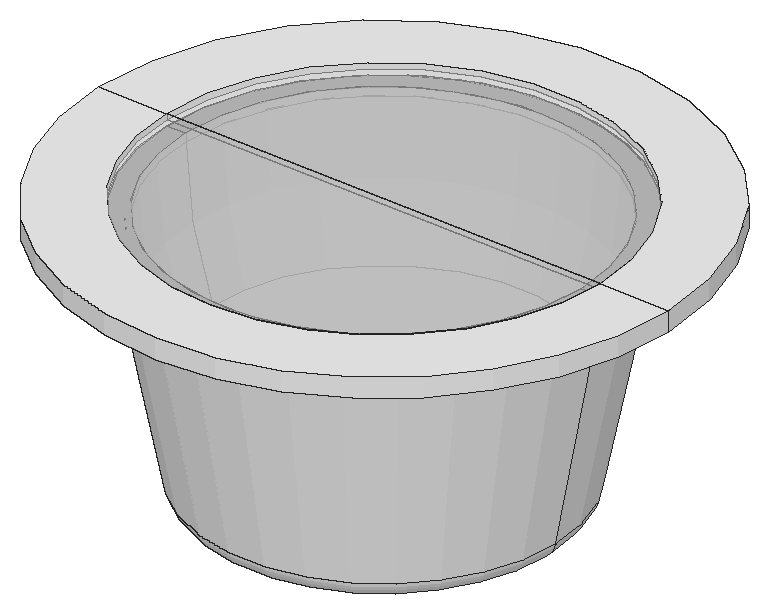
Revit family "2060556+2039013 Sylvania Lighting Fixture ASCENT 100 II ARCH 1900 4K STD EMG 160 with IP54 PC Cover", category Lighting Fixtures, host Face, Revit 2016
Family settings
  Host = Face
  Part Type = Normal
  Round Connector Dimension = Use Diameter
  OmniClass Number = 23.80.70.11.17
  OmniClass Title = Specialized Lighting by Location or Use
  Cut with Voids When Loaded = No
  Light Source = Yes
  Shared = No
  Room Calculation Point = No
Parameters (values of type "2060556+2039013 ASCT100 II ARCH 1900 4K STD EMG 160 with IP54 PC Cover")
  WidthBezelAcc_SYL = 25.0 mm
  Weight = "1.92 kg"
  Wattage = 19 W
  WarrantyStartDate [instance] = "n/a"
  WarrantyGuarantorParts = "n/a"
  WarrantyDurationUnit = "n/a"
  WarrantyDurationParts = "n/a"
  WarrantyDescription = "n/a"
  built-in parameter 1150110 = 1 (stored number, unit not read)
  Voltage = 0 V
  VisibilityAccessory_SYL = yes
  TypeName = "ASCENT 100 II ARCH 1900 4K STD EMG 160 with IP54 PC Cover"
  built-in parameter 1114217 = 1 (stored number, unit not read)
  Tilt Angle = -90°
  built-in parameter 1150109 = 1 (stored number, unit not read)
  built-in parameter 1150134 = 12
  built-in parameter 1150113 = 1 (stored number, unit not read)
  SerialNumber [instance] = "n/a"
  ReflectorRadius_SYL = Radius_SYL - 14.5 mm  # 80.0 mm
  RadiusAcc_SYL = 105.0 mm
  Radius_SYL = 94.5 mm
  URL = "http://www.sylvania-lighting.com"
  PowerFactor = 0
  PowerConsumption = "19 W"
  Photometric Web File = "2060556.ies"
  NominalWidth = 0.0 mm
  NominalLength = 0.0 mm
  NominalHeight = 94.0 mm
  Name = "ASCENT 100 II ARCH 1900 4K STD EMG 160 with IP54 PC Cover"
  ModelReference = "ASCENT 100 II ARCH 1900 4K STD EMG 160 with IP54 PC Cover"
  ModelNumber = "2060556+2039013"
  Material_4_SYL = none
  Material_3_SYL = Polycarbonate_Sylvania_Ascent_Clear
  Material_2_SYL = Aluminium_Sylvania_Ascent_Silver
  Material_1_SYL = Aluminum_Sylvania_Ascent_White
  Material = "aluminium housing, arcylic diffuser"
  ManufacturerName = "Feilo Sylvania"
  LuminousEfficacy = "101 lm/W"
  built-in parameter 1150105 = 152.71 (stored number, unit not read)
  Lumens = 1919 lm
  LuminaireType = ""
  built-in parameter 1150115 = 1 (stored number, unit not read)
  LightOutputRatio = "100"
  built-in parameter 1150137 = (empty or 0)
  built-in parameter 1150139 = (empty or 0)
  LampsType = Lamp  # "LED"
  LampNominalLuminous = "1921 lm"
  LampMacAdamStep = "3"
  LampColourTemperature = "4000 K"
  LampColourRenderingIndex = "80"
  built-in parameter 1150112 = 1 (stored number, unit not read)
  built-in parameter 1150114 = 1 (stored number, unit not read)
  Keynote = "16500"
  InstallationDate [instance] = "n/a"
  InputVoltage = "n/a"
  InputNominalFrequency = "n/a"
  built-in parameter 1150132 = (empty or 0)
  built-in parameter 1150102 = (empty or 0)
  built-in parameter 1150107 = 4000 (stored number, unit not read)
  built-in parameter 1150138 = (empty or 0)
  IngressProtection = "IP54"
  ImpactProtectionIndex = "IK02"
  built-in parameter 1150106 = 1.5271 (stored number, unit not read)
  IfcExportType = "IfcLightFixtureType"
  IfcExportAs = "IfcLightFixtureType"
  Height_SYL = 94.0 mm
  HeightAcc_SYL = 7.0 mm
  ExpectedLife = 50000
  EmittionSurface_SYL = if(VisibilityAccessory_SYL, 7.0 mm, 3.0 mm)  # 7.0 mm
  Emit from Circle Diameter = DiffuserRadius_SYL * 2  # 146.0 mm
  Emit Shape Visible in Rendering = no
  ElectricShockClassification = "Class II"
  built-in parameter 1150104 = 9.3832 (stored number, unit not read)
  DurationUnit = "hours"
  DocumentationLiterature = "http://www.sylvania-lighting.com/product/en-int/products/2060556"
  DimmingControlOptions = "n/a"
  Dimming Lamp Color Temperature Shift = <None>
  DiffuserRadius_SYL = ReflectorRadius_SYL - 7.0 mm  # 73.0 mm
  Diameter_SYL = 2 * Radius_SYL  # 189.0 mm
  CutoutDiameter_SYL = Diameter_SYL - 13.0 mm  # 176.0 mm
  CreatedOn = "9/17/2018"
  CreatedBy = "@sylvania-lighting.com"
  Color Filter = 16777215
  built-in parameter 1114216 [instance] = 1 (stored number, unit not read)
  Model = "ASCENT 100 II ARCH 1900 4K STD EMG 160 with IP54 PC Cover"
  Manufacturer = "Feilo Sylvania"
  Lamp = "LED"
  Description = "Direct LED retro fit for original LED 100 Arch (160) single CFL lamp offering Matching lumen levels and improved light distribution of original LED 100 CFL lamp equivalents Typically half the power consumption compared to CFL Up to 112lm/W 160mm aperture Architectural reflector accepts range of glass accessories from existing LED 100 Arch 160 offering HE, HO and VHO versions equivalent of single 1 x 18W, 1 x 32W, 1 x 42W\r\n Additional VVHO versions which offer the performance circa 2 x 32W equivalent"  # constant formula
  Default Elevation = 0.0 mm
  built-in parameter 1140040 [instance] = 1
  BarCode [instance] = "n/a"
  built-in parameter 1114218 = 1 (stored number, unit not read)
  built-in parameter 1150133 = 10 (stored number, unit not read)
  AssetType = "Fixed"
  AssetIdentifier [instance] = "n/a"
  Assembly Code = "D5020200"
  Apparent Load = 19 VA
  Aperture_SYL = 2 * ReflectorRadius_SYL  # 160.0 mm
Types (2, lengths in mm): name | Wattage | TypeName | Photometric Web File | Name | ModelReference | built-in parameter 1150105 | Lumens | built-in parameter 1150106 | Model | Apparent Load
  2060556+2039013 ASCT100 II ARCH 1900 4K STD EMG 160 with IP54 PC Cover | 19 W | "ASCENT 100 II ARCH 1900 4K STD EMG 160 with IP54 PC Cover" | "2060556.ies" | "ASCENT 100 II ARCH 1900 4K STD EMG 160 with IP54 PC Cover" | "ASCENT 100 II ARCH 1900 4K STD EMG 160 with IP54 PC Cover" | 152.71 (stored number, unit not read) | 1919 lm | 1.5271 (stored number, unit not read) | "ASCENT 100 II ARCH 1900 4K STD EMG 160 with IP54 PC Cover" | 19 VA
  2060556+2039013 ASCT100 II ARCH 1900 4K STD EMG 160 with IP54 PC Cover Emergency mode | 1.88119 W | "ASCT100 II ARCH 1900 4K STD EMG 160 with IP54 PC Cover Emergency mode" | "2060556EM.ies" | "ASCT100 II ARCH 1900 4K STD EMG 160 with IP54 PC Cover Emergency mode" | "ASCT100 II ARCH 1900 4K STD EMG 160 with IP54 PC Cover Emergency mode" | 15.12 (stored number, unit not read) | 190 lm | 0.1512 (stored number, unit not read) | "ASCT100 II ARCH 1900 4K STD EMG 160 with IP54 PC Cover Emergency mode" | 1.88119 VA
Reference planes
  plane 1 "Center (Front/Back)": y = 0
  plane 2: z = 0
  plane 3 "Center (Left/Right)": x = 0
  plane 4 "Fixture Bottom": z = 3
  plane 5: z = -52.5
  plane 6 "Fixture Top": z = -91
  plane 7: x = -105
  plane 8: z = 7
  plane 9: x = -80
  plane 10: z = 5
  plane 11: x = -103
Forms (mm)
  Extrusion 1, solid, material "Aluminum_Sylvania_Ascent_White", detail levels fine
    sketch origin (0, 0, 0) x (1, 0, 0) y (0, 1, 0)
      loop
        circle (0, 0) r 94.5
      loop
        circle (0, 0) r 80
    from 0 to 3
  Extrusion 2, void
    sketch origin (0, 0, 0) x (1, 0, 0) y (0, 1, 0)
      loop
        circle (0, 0) r 88
    from -91 to 3
  Revolve 3, solid, material "Aluminum_Sylvania_Ascent_White" <- "Material_1_SYL", detail levels fine
    sketch origin (0, 0, 0) x (1, 0, 0) y (0, 0, 1)
      loop
        line (0, -91.073) -> (0, -89.023) -> (-55.468, -89.014)
        arc (-55.468, -89.014) -> (-59.352, -87.613) -> (-61.54, -84.139) r 6.307
        line (-61.54, -84.139) -> (-77.991, -2.844) -> (-77.991, 0) -> (-80, 0) -> (-80, -3) -> (-63.5, -84.536)
        arc (-63.5, -84.536) -> (-60.643, -89.203) -> (-55.5, -91.073) r 8.291
        line (-55.5, -91.073) -> (0, -91.073)
      axis (0, 0) -> (0, -91.073)
    angle from 0 to 360
  Revolve 4, solid, material "Aluminium_Sylvania_Ascent_Silver" <- "Material_2_SYL", detail levels fine
    sketch origin (0, 0, 0) x (1, 0, 0) y (0, 0, 1)
      loop
        line (-80, 3) -> (-80, 0) -> (-75, 0)
        arc (-75, 0) -> (-72.349, -26.77) -> (-64.5, -52.5) r 136.5
        line (-64.5, -52.5) -> (-58, -52.5)
        arc (-58, -52.5) -> (-56.857, -61.521) -> (-53.5, -69.971) r 36.166
        line (-53.5, -69.971) -> (0, -69.971) -> (0, -50.5) -> (-63.16, -50.5)
        arc (-63.16, -50.5) -> (-70.517, -25.725) -> (-73, 0) r 134.5
        line (-73, 0) -> (-73, 3) -> (-80, 3)
      axis (0, 3) -> (0, -69.971)
    angle from 0 to 360
  Extrusion 5, solid, material "Polycarbonate_Sylvania_Ascent_Clear" <- "Material_3_SYL", detail levels fine
    sketch origin (0, 0, 0) x (1, 0, 0) y (0, 1, 0)
      loop
        circle (0, 0) r 73
    from 0 to 3
  Revolve 6, solid, material "Aluminum_Sylvania_Ascent_White" <- "Material_1_SYL", detail levels coarse+medium
    sketch origin (0, 0, 0) x (1, 0, 0) y (0, 0, 1)
      loop
        line (0, -91.073) -> (0, 3) -> (-94.5, 3) -> (-94.5, 0) -> (-79.5, 0) -> (-79.5, -3) -> (-63, -84.536)
        arc (-63, -84.536) -> (-60.143, -89.203) -> (-55, -91.073) r 8.291
        line (-55, -91.073) -> (0, -91.073)
      axis (0, 3) -> (0, -91.073)
    angle from 0 to 360
  Revolve 7, solid, material "Aluminum_Sylvania_Ascent_White" <- "Material_1_SYL", visible <- "VisibilityAccessory_SYL"
    sketch origin (0, 0, 0) x (1, 0, 0) y (0, 0, 1)
      loop
        line (-105, 0) -> (-103, 0) -> (-103, 5) -> (-80, 5) -> (-80, 7) -> (-105, 7) -> (-105, 0)
      axis (0, 7) -> (0, 0)
    angle from 0 to 360
  Revolve 8, solid, material "Polycarbonate_Sylvania_Ascent_Clear" <- "Material_3_SYL", visible <- "VisibilityAccessory_SYL"
    sketch origin (0, 0, 0) x (1, 0, 0) y (0, 0, 1)
      loop
        line (-80, 7) -> (-80, 5) -> (0, 5) -> (0, 7) -> (-80, 7)
      axis (0, 7) -> (0, 5)
    angle from 0 to 360
Lines and regions (mm)
  reference lines
    curve 1: line (-150, 0, 7) -> (125, 0, 7)
Dimensions and locks
  locked: plane 4 "Fixture Bottom" to plane 2 at 3
  "Height_SYL": plane 4 "Fixture Bottom" to plane 6 "Fixture Top"
  "ReflectorRadius_SYL": plane 3 "Center (Left/Right)" to Revolve 4 sketch curve
  locked: Revolve 4 sketch curve to Revolve 4 sketch curve at 15.5
  locked: Revolve 4 sketch curve to Revolve 4 sketch curve at 5
  locked: Revolve 4 sketch curve to Revolve 4 sketch curve at 7
  locked: Revolve 4 sketch curve to Revolve 4 sketch curve at 22
  locked: Revolve 4 sketch curve to Revolve 4 sketch curve at 26.5
  locked: Revolve 3 sketch curve to Revolve 3 sketch curve at 16.5
  locked: Revolve 3 sketch curve to Revolve 3 sketch curve at 24.5
  "ReflectorRadius_SYL": Revolve 3 sketch curve to plane 3 "Center (Left/Right)"
  locked: Revolve 3 sketch curve to plane 6 "Fixture Top" at 6.464
  locked: plane 2 to Revolve 3 sketch curve at 3
  locked: Revolve 3 sketch curve to Revolve 3 sketch curve at 2
  locked: Revolve 3 sketch curve to Revolve 3 sketch curve at 2.009
  locked: plane 2 to plane 5 at 52.5
  locked: Revolve 6 sketch curve to Revolve 6 sketch curve at 31.5
  locked: Revolve 6 sketch curve to Revolve 6 sketch curve at 39.5
  locked: Revolve 6 sketch curve to Revolve 6 sketch curve at 15
  "Radius_SYL": plane 3 "Center (Left/Right)" to Revolve 6 sketch curve
  "RadiusAcc_SYL": plane 3 "Center (Left/Right)" to plane 7
  "HeightAcc_SYL": plane 8 to level
  "WidthBezelAcc_SYL": plane 7 to plane 9
  locked: plane 7 to plane 11 at 2
  locked: plane 8 to plane 10 at 2
  "EmittionSurface_SYL": curve 1 to level
  "CutoutDiameter_SYL": diameter of Extrusion 2 sketch curve
  "ReflectorRadius_SYL": radius of Extrusion 1 sketch curve
  "DiffuserRadius_SYL": radius of Extrusion 5 sketch curve
  "Radius_SYL": radius of Extrusion 1 sketch curve
  aligned and locked: host face to plane 2
  aligned and locked: host face to level
  aligned and locked: plane 4 "Fixture Bottom" to Extrusion 1
  aligned and locked: Extrusion 1 to plane 2
  aligned and locked: Revolve 3 sketch curve to plane 3 "Center (Left/Right)"
  aligned and locked: Revolve 4 sketch curve to plane 3 "Center (Left/Right)"  (x2)
  aligned and locked: plane 4 "Fixture Bottom" to Revolve 4 sketch curve
  aligned and locked: Extrusion 5 to plane 2
  aligned and locked: plane 2 to Revolve 3 sketch curve  (x2)
  aligned and locked: Revolve 6 sketch curve to plane 3 "Center (Left/Right)"
  aligned and locked: plane 6 "Fixture Top" to Extrusion 2
  aligned and locked: Revolve 7 sketch curve to plane 3 "Center (Left/Right)"
  aligned and locked: host face to Revolve 7 sketch curve  (x2)
  aligned and locked: Revolve 7 sketch curve to plane 7
  aligned and locked: plane 8 to Revolve 7 sketch curve
  aligned and locked: plane 9 to Revolve 7 sketch curve
  aligned and locked: Revolve 7 sketch curve to plane 10
  aligned and locked: plane 11 to Revolve 7 sketch curve
  aligned and locked: Revolve 7 to Revolve 8 sketch curve
  aligned and locked: Revolve 8 sketch curve to Revolve 7  (x2)
  aligned and locked: Revolve 8 sketch curve to plane 3 "Center (Left/Right)"  (x2)
  aligned and locked: plane 3 "Center (Left/Right)" to imposter light
  aligned and locked: imposter light to plane 1 "Center (Front/Back)"
  aligned and locked: imposter light to curve 1
Automatic sketch dimensions
  plane 1 "Center (Front/Back)" to Extrusion 2 sketch curve = 0.0 mm
  Extrusion 2 sketch curve to plane 3 "Center (Left/Right)" = 0.0 mm
  Extrusion 1 sketch curve to Extrusion 1 sketch curve = 0.0 mm  (x2)
  plane 1 "Center (Front/Back)" to Extrusion 1 sketch curve = 0.0 mm
  Extrusion 1 sketch curve to plane 3 "Center (Left/Right)" = 0.0 mm
  plane 6 "Fixture Top" to Revolve 3 sketch curve = 0.073 mm
  Revolve 3 sketch curve to plane 6 "Fixture Top" = 6.861 mm
  Revolve 3 sketch curve to Revolve 3 sketch curve = 0.003 mm
  Revolve 3 sketch curve to Revolve 3 sketch curve = 0.009 mm  (x2)
  Revolve 3 sketch curve to Revolve 3 sketch curve = 0.023 mm
  Revolve 3 sketch curve to Revolve 3 sketch curve = 0.072 mm
  Revolve 3 sketch curve to Revolve 3 sketch curve = 0.008 mm
  Revolve 3 sketch curve to plane 6 "Fixture Top" = 1.977 mm
  Revolve 3 sketch curve to Revolve 3 sketch curve = 33.496 mm
  Revolve 3 sketch curve to Revolve 3 sketch curve = 0.028 mm
  plane 4 "Fixture Bottom" to Revolve 3 sketch curve = 82.431 mm
  Revolve 4 sketch curve to Revolve 4 sketch curve = 0.0 mm  (x2)
  Revolve 4 sketch curve to plane 5 = 0.0 mm
  Revolve 4 sketch curve to level = 0.0 mm
  plane 5 to Revolve 4 sketch curve = 2.0 mm
  plane 4 "Fixture Bottom" to Revolve 4 sketch curve = 9.642 mm
  plane 1 "Center (Front/Back)" to Extrusion 5 sketch curve = 0.0 mm
  Extrusion 5 sketch curve to plane 3 "Center (Left/Right)" = 0.0 mm
  Revolve 4 sketch curve to level = 69.971 mm
  Revolve 4 sketch curve to Revolve 4 sketch curve = 2.387 mm
  Revolve 6 sketch curve to level = 0.0 mm
  Revolve 6 sketch curve to plane 3 "Center (Left/Right)" = 0.0 mm
  Revolve 6 sketch curve to Revolve 6 sketch curve = 8.104 mm
  Revolve 6 sketch curve to level = 3.0 mm
  Revolve 6 sketch curve to plane 6 "Fixture Top" = 6.464 mm
  plane 6 "Fixture Top" to Revolve 6 sketch curve = 0.073 mm
  Revolve 6 sketch curve to Revolve 6 sketch curve = 33.496 mm
  plane 4 "Fixture Bottom" to Revolve 6 sketch curve = 82.431 mm
  host sketch curve to host sketch curve = 1704.996 mm
  host sketch curve to host sketch curve = 1500.0 mm
  plane 6 "Fixture Top" to Revolve 7 sketch curve = 281.274 mm
  Revolve 7 sketch curve to plane 8 = 1140.706 mm
  plane 6 "Fixture Top" to Revolve 8 sketch curve = 281.274 mm
  Revolve 8 sketch curve to Revolve 8 sketch curve = 1140.706 mm
  Revolve 3 sketch curve to plane 3 "Center (Left/Right)" = 0.0 mm
  Revolve 6 sketch curve to plane 4 "Fixture Bottom" = 0.0 mm
  plane 7 to curve 1 = 45.0 mm
  plane 3 "Center (Left/Right)" to curve 1 = 125.0 mm
Connectors
  electrical at (0, 0, -91.073), driven by "Apparent Load"
    settings: on Revolve 3, index 1, voltage 240 V, apparent load 0 VA, apparent load phase1 19 VA, apparent load phase2 0 VA, apparent load phase3 0 VA, power factor 1, load classification "Lighting", number of poles 1, system type 31, power factor state 1, is connector primary yes, connector utility no, sub classification motor no, connector description ""
